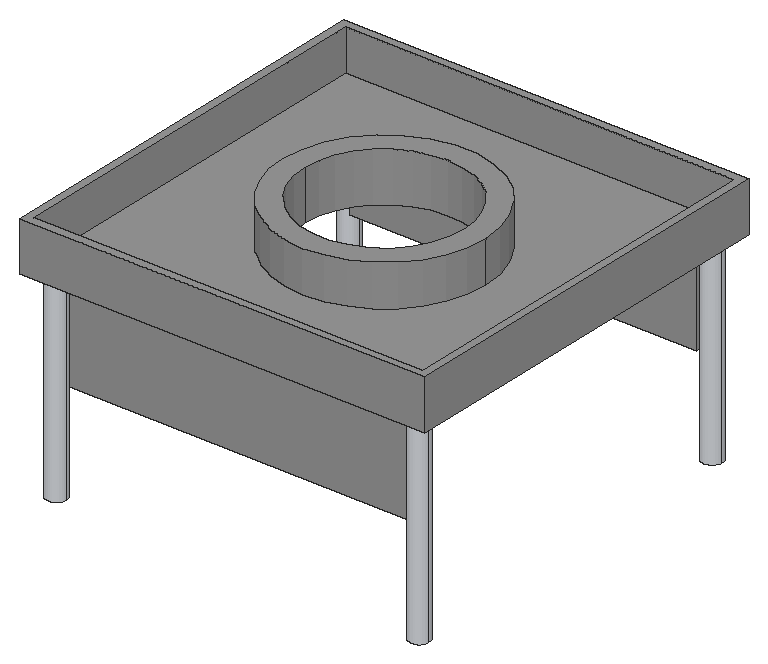
Revit family "Nivellierbare Kassette für Tubus, RKFN, 25, 9", category Generic Models, Revit 2015
Parameters (values of type "RKFN2 9 VS 20")
  Width = 243 mm
  URL = "http://www.obo-bettermann.com"
  Material = Stainless Steel, Polished
  Manufacturer Art.No. = "7409370"
  Manufacturer = "OBO Bettermann"
  Length = 243 mm
  HeightCalc = if(Height < 110 mm, 110 mm, (if(Height > 155 mm, 155 mm, Height)))  # 150 mm
  Height 1 = 30 mm
  Height = 150 mm
  GTIN = "4012195869085"
  Cut depth = 25 mm
  Article Type = "RKFN2 9 VS 25"
Reference planes
  plane 1 "Center (Front/Back)": y = 0
  plane 2: z = 0
  plane 3 "Center (Left/Right)": x = 0
  plane 4: y = 121.5
  plane 5: y = -121.5
  plane 6: z = 150
  plane 7: z = 59
  plane 8: z = 125
  plane 9: z = 120
Forms (mm)
  Extrusion 1, solid
    sketch origin (0, 0, 0) x (1, 0, 0) y (0, 1, 0)
      loop
        circle (-109, -110) r 6
      loop
        circle (-109, 110) r 6
      loop
        circle (109, 110) r 6
      loop
        circle (109, -110) r 6
    from 0 to 120
  Extrusion 2, solid, material "Stainless Steel, Polished" <- "Material"
    sketch origin (0, 0, 0) x (1, 0, 0) y (0, 0, 1)
      loop
        line (-121.5, 150) -> (-121.5, 120) -> (121.5, 120) -> (121.5, 150) -> (-121.5, 150)
    from -121.5 to 121.5
  Extrusion 3, solid, material "Stainless Steel, Polished" <- "Material"
    sketch origin (0, 0, 0) x (1, 0, 0) y (0, 1, 0)
      loop
        line (-104.2, -104.3) -> (-104.2, -106.3) -> (104.2, -106.3) -> (104.2, -104.3) -> (-104.2, -104.3)
      loop
        line (-104.2, 106.3) -> (-104.2, 104.3) -> (104.2, 104.3) -> (104.2, 106.3) -> (-104.2, 106.3)
    from 59 to 120
  Extrusion 4, void
    sketch origin (0, 0, 0) x (1, 0, 0) y (0, 1, 0)
      loop
        line (-117.05, 117.05) -> (-117.05, -117.05) -> (117.05, -117.05) -> (117.05, 117.05) -> (-117.05, 117.05)
      loop
        circle (0, 0) r 61
    from 125 to 150
  Extrusion 5, void
    sketch origin (0, 0, 0) x (1, 0, 0) y (0, 1, 0)
      loop
        circle (0, 0) r 47.77
    from 120 to 150
Cuts and joins
  Extrusion 4 cuts Extrusion 1
  Extrusion 4, Extrusion 5 cuts Extrusion 2
  Extrusion 4 cuts Extrusion 3
Dimensions and locks
  "Width": Extrusion 2 sketch curve to Extrusion 2 sketch curve
  "HeightCalc": plane 6 to level
  locked: Extrusion 3 sketch curve to Extrusion 3 sketch curve at 208.4  (x2)
  locked: Extrusion 3 sketch curve to Extrusion 2 at 15.2
  locked: Extrusion 3 sketch curve to Extrusion 3 sketch curve at 2  (x2)
  "Cut depth": plane 6 to plane 8
  "Length": plane 4 to plane 5
  locked: plane 3 "Center (Left/Right)" to Extrusion 2 sketch curve at 121.5
  locked: plane 4 to plane 1 "Center (Front/Back)" at 121.5
  locked: Extrusion 1 sketch curve to plane 1 "Center (Front/Back)" at 110  (x2)
  locked: plane 3 "Center (Left/Right)" to Extrusion 1 sketch curve at 109  (x2)
  locked: Extrusion 1 sketch curve to plane 3 "Center (Left/Right)" at 109  (x2)
  locked: plane 1 "Center (Front/Back)" to Extrusion 1 sketch curve at 110  (x2)
  "Height 1": plane 6 to plane 9
  locked: Extrusion 3 sketch curve to plane 3 "Center (Left/Right)" at 104.2  (x2)
  locked: cut or joined group of Extrusion 2, Extrusion 4, Extrusion 5 to Extrusion 3 sketch curve at 15.2
  locked: plane 9 to plane 7 at 61
  locked: Extrusion 4 sketch curve to Extrusion 4 sketch curve at 234.1  (x2)
  equal spacing: Extrusion 4 sketch curve, plane 3 "Center (Left/Right)", Extrusion 4 sketch curve, locked at 117.05 each
  equal spacing: Extrusion 4 sketch curve, plane 1 "Center (Front/Back)", Extrusion 4 sketch curve, locked at 117.05 each
  diameter of Extrusion 1 sketch curve = 12 mm  (x4)
  diameter of Extrusion 5 sketch curve = 95.54 mm
  aligned and locked: level to plane 2
  aligned and locked: plane 5 to Extrusion 2
  aligned and locked: Extrusion 2 to plane 4
  aligned and locked: plane 6 to Extrusion 2
  aligned and locked: Extrusion 1 to Extrusion 3
  aligned and locked: Extrusion 3 to plane 7
  aligned and locked: cut or joined group of Extrusion 2, Extrusion 4, Extrusion 5 to Extrusion 4
  aligned and locked: Extrusion 4 to plane 8
  aligned and locked: Extrusion 2 to plane 9
  aligned and locked: Extrusion 1 to cut or joined group of Extrusion 2, Extrusion 4, Extrusion 5
  aligned and locked: Extrusion 2 to Extrusion 5  (x2)
Automatic sketch dimensions
  Extrusion 2 sketch curve to plane 6 = 0 mm
  plane 9 to Extrusion 2 sketch curve = 0 mm
  plane 1 "Center (Front/Back)" to Extrusion 4 sketch curve = 0 mm
  Extrusion 4 sketch curve to plane 3 "Center (Left/Right)" = 0 mm
  plane 1 "Center (Front/Back)" to Extrusion 5 sketch curve = 0 mm
  Extrusion 5 sketch curve to plane 3 "Center (Left/Right)" = 0 mm
  radius of Extrusion 4 sketch curve = 61 mm
